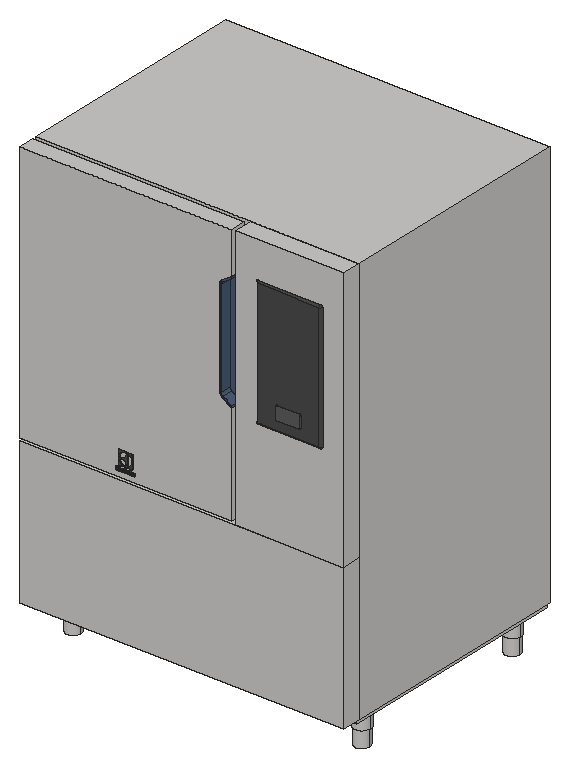
Revit family "QF_ELECTROLUXPROFESSIONAL_727876_EBFA12URE", category Specialty Equipment, Revit 2018 (continued)
Automatic sketch dimensions
  Split face 34 sketch curve to Split face 34 sketch curve = 4.974 mm
  Split face 35 sketch curve to Extrusion 4 = 30.031 mm
  Split face 35 sketch curve to Split face 35 sketch curve = 110.016 mm
  Split face 35 sketch curve to Extrusion 4 = 203.478 mm
  Split face 35 sketch curve to Split face 35 sketch curve = 4.974 mm
  Split face 36 sketch curve to Extrusion 4 = 30.031 mm
  Split face 36 sketch curve to Split face 36 sketch curve = 110.016 mm
  Split face 36 sketch curve to Extrusion 4 = 193.978 mm
  Split face 36 sketch curve to Split face 36 sketch curve = 4.974 mm
  Split face 37 sketch curve to Extrusion 4 = 30.031 mm
  Split face 37 sketch curve to Split face 37 sketch curve = 110.016 mm
  Split face 37 sketch curve to Extrusion 4 = 184.478 mm
  Split face 37 sketch curve to Split face 37 sketch curve = 4.974 mm
  Split face 38 sketch curve to Extrusion 4 = 30.031 mm
  Split face 38 sketch curve to Split face 38 sketch curve = 110.016 mm
  Split face 38 sketch curve to Extrusion 4 = 174.978 mm
  Split face 38 sketch curve to Split face 38 sketch curve = 4.974 mm
  Split face 39 sketch curve to Extrusion 4 = 30.031 mm
  Split face 39 sketch curve to Split face 39 sketch curve = 110.016 mm
  Split face 39 sketch curve to Extrusion 4 = 165.478 mm
  Split face 39 sketch curve to Split face 39 sketch curve = 4.974 mm
  Split face 40 sketch curve to Extrusion 4 = 30.031 mm
  Split face 40 sketch curve to Split face 40 sketch curve = 110.016 mm
  Split face 40 sketch curve to Extrusion 4 = 155.978 mm
  Split face 40 sketch curve to Split face 40 sketch curve = 4.974 mm
  Split face 41 sketch curve to Extrusion 4 = 30.031 mm
  Split face 41 sketch curve to Split face 41 sketch curve = 110.016 mm
  Split face 41 sketch curve to Extrusion 4 = 146.478 mm
  Split face 41 sketch curve to Split face 41 sketch curve = 4.974 mm
  Split face 42 sketch curve to Extrusion 4 = 33.499 mm
  Split face 42 sketch curve to Extrusion 4 = 150.022 mm
  Split face 42 sketch curve to Extrusion 4 = 28.525 mm
  Split face 42 sketch curve to Split face 42 sketch curve = 110.016 mm
  Split face 43 sketch curve to Extrusion 4 = 42.999 mm
  Split face 43 sketch curve to Extrusion 4 = 150.022 mm
  Split face 43 sketch curve to Extrusion 4 = 38.025 mm
  Split face 43 sketch curve to Split face 43 sketch curve = 110.016 mm
  Split face 44 sketch curve to Extrusion 4 = 52.499 mm
  Split face 44 sketch curve to Extrusion 4 = 150.022 mm
  Split face 44 sketch curve to Extrusion 4 = 47.525 mm
  Split face 44 sketch curve to Split face 44 sketch curve = 110.016 mm
  Split face 45 sketch curve to Extrusion 4 = 61.999 mm
  Split face 45 sketch curve to Extrusion 4 = 150.022 mm
  Split face 45 sketch curve to Split face 45 sketch curve = 110.016 mm
  Split face 45 sketch curve to Split face 45 sketch curve = 4.974 mm
  Split face 46 sketch curve to Extrusion 4 = 71.499 mm
  Split face 46 sketch curve to Extrusion 4 = 150.022 mm
  Split face 46 sketch curve to Split face 46 sketch curve = 110.016 mm
  Split face 46 sketch curve to Split face 46 sketch curve = 4.974 mm
  Split face 47 sketch curve to Extrusion 4 = 150.022 mm
  Split face 47 sketch curve to Split face 47 sketch curve = 110.016 mm
  Split face 47 sketch curve to Extrusion 4 = 80.999 mm
  Split face 47 sketch curve to Split face 47 sketch curve = 4.974 mm
  Split face 48 sketch curve to Extrusion 4 = 150.022 mm
  Split face 48 sketch curve to Split face 48 sketch curve = 110.016 mm
  Split face 48 sketch curve to Extrusion 4 = 90.499 mm
  Split face 48 sketch curve to Split face 48 sketch curve = 4.974 mm
  Split face 49 sketch curve to Extrusion 4 = 150.022 mm
  Split face 49 sketch curve to Split face 49 sketch curve = 110.016 mm
  Split face 49 sketch curve to Extrusion 4 = 99.999 mm
  Split face 49 sketch curve to Split face 49 sketch curve = 4.974 mm
  Split face 50 sketch curve to Extrusion 4 = 150.022 mm
  Split face 50 sketch curve to Split face 50 sketch curve = 110.016 mm
  Split face 50 sketch curve to Extrusion 4 = 109.499 mm
  Split face 50 sketch curve to Split face 50 sketch curve = 4.974 mm
  Split face 51 sketch curve to Extrusion 4 = 150.022 mm
  Split face 51 sketch curve to Split face 51 sketch curve = 110.016 mm
  Split face 51 sketch curve to Extrusion 4 = 119 mm
  Split face 51 sketch curve to Split face 51 sketch curve = 4.974 mm
  Split face 52 sketch curve to Extrusion 4 = 150.022 mm
  Split face 52 sketch curve to Split face 52 sketch curve = 110.016 mm
  Split face 52 sketch curve to Extrusion 4 = 128.5 mm
  Split face 52 sketch curve to Split face 52 sketch curve = 4.974 mm
  Split face 53 sketch curve to Extrusion 4 = 150.022 mm
  Split face 53 sketch curve to Split face 53 sketch curve = 110.016 mm
  Split face 53 sketch curve to Extrusion 4 = 138 mm
  Split face 53 sketch curve to Split face 53 sketch curve = 4.974 mm
  Split face 54 sketch curve to Extrusion 4 = 150.022 mm
  Split face 54 sketch curve to Split face 54 sketch curve = 110.016 mm
  Split face 54 sketch curve to Extrusion 4 = 147.5 mm
  Split face 54 sketch curve to Split face 54 sketch curve = 4.974 mm
  Split face 55 sketch curve to Extrusion 4 = 150.022 mm
  Split face 55 sketch curve to Split face 55 sketch curve = 110.016 mm
  Split face 55 sketch curve to Extrusion 4 = 157 mm
  Split face 55 sketch curve to Split face 55 sketch curve = 4.974 mm
  Split face 56 sketch curve to Extrusion 4 = 150.022 mm
  Split face 56 sketch curve to Split face 56 sketch curve = 110.016 mm
  Split face 56 sketch curve to Extrusion 4 = 166.5 mm
  Split face 56 sketch curve to Split face 56 sketch curve = 4.974 mm
  Split face 57 sketch curve to Extrusion 4 = 150.022 mm
  Split face 57 sketch curve to Split face 57 sketch curve = 110.016 mm
  Split face 57 sketch curve to Extrusion 4 = 176 mm
  Split face 57 sketch curve to Split face 57 sketch curve = 4.974 mm
  Split face 58 sketch curve to Extrusion 4 = 150.022 mm
  Split face 58 sketch curve to Split face 58 sketch curve = 110.016 mm
  Split face 58 sketch curve to Extrusion 4 = 185.5 mm
  Split face 58 sketch curve to Split face 58 sketch curve = 4.974 mm
  Split face 59 sketch curve to Extrusion 4 = 150.022 mm
  Split face 59 sketch curve to Split face 59 sketch curve = 110.016 mm
  Split face 59 sketch curve to Extrusion 4 = 195 mm
  Split face 59 sketch curve to Split face 59 sketch curve = 4.974 mm
  Split face 60 sketch curve to Extrusion 4 = 150.022 mm
  Split face 60 sketch curve to Split face 60 sketch curve = 110.016 mm
  Split face 60 sketch curve to Extrusion 4 = 204.5 mm
  Split face 60 sketch curve to Split face 60 sketch curve = 4.974 mm
  Split face 61 sketch curve to Extrusion 4 = 150.022 mm
  Split face 61 sketch curve to Split face 61 sketch curve = 110.016 mm
  Split face 61 sketch curve to Extrusion 4 = 214 mm
  Split face 61 sketch curve to Split face 61 sketch curve = 4.974 mm
  Split face 62 sketch curve to Extrusion 4 = 150.022 mm
  Split face 62 sketch curve to Split face 62 sketch curve = 110.016 mm
  Split face 62 sketch curve to Extrusion 4 = 223.5 mm
  Split face 62 sketch curve to Split face 62 sketch curve = 4.974 mm
  Split face 63 sketch curve to Extrusion 4 = 150.022 mm
  Split face 63 sketch curve to Split face 63 sketch curve = 110.016 mm
  Split face 63 sketch curve to Extrusion 4 = 233.001 mm
  Split face 63 sketch curve to Split face 63 sketch curve = 4.974 mm
  Split face 64 sketch curve to Extrusion 4 = 150.022 mm
  Split face 64 sketch curve to Split face 64 sketch curve = 110.016 mm
  Split face 64 sketch curve to Extrusion 4 = 242.501 mm
  Split face 64 sketch curve to Split face 64 sketch curve = 4.974 mm
  Split face 65 sketch curve to Extrusion 4 = 150.022 mm
  Split face 65 sketch curve to Split face 65 sketch curve = 110.016 mm
  Split face 65 sketch curve to Extrusion 4 = 252.001 mm
  Split face 65 sketch curve to Split face 65 sketch curve = 4.974 mm
  Split face 66 sketch curve to Extrusion 4 = 150.022 mm
  Split face 66 sketch curve to Split face 66 sketch curve = 110.016 mm
  Split face 66 sketch curve to Extrusion 4 = 261.501 mm
  Split face 66 sketch curve to Split face 66 sketch curve = 4.974 mm
  Split face 67 sketch curve to Extrusion 4 = 150.022 mm
  Split face 67 sketch curve to Split face 67 sketch curve = 110.016 mm
  Split face 67 sketch curve to Extrusion 4 = 271.001 mm
  Split face 67 sketch curve to Split face 67 sketch curve = 4.974 mm
  Split face 68 sketch curve to Extrusion 4 = 150.022 mm
  Split face 68 sketch curve to Split face 68 sketch curve = 110.016 mm
  Split face 68 sketch curve to Extrusion 4 = 279.479 mm
  Split face 68 sketch curve to Split face 68 sketch curve = 4.974 mm
  Split face 69 sketch curve to Extrusion 4 = 150.022 mm
  Split face 69 sketch curve to Split face 69 sketch curve = 110.016 mm
  Split face 69 sketch curve to Extrusion 4 = 269.979 mm
  Split face 69 sketch curve to Split face 69 sketch curve = 4.974 mm
  Split face 70 sketch curve to Extrusion 4 = 150.022 mm
  Split face 70 sketch curve to Split face 70 sketch curve = 110.016 mm
  Split face 70 sketch curve to Extrusion 4 = 260.479 mm
  Split face 70 sketch curve to Split face 70 sketch curve = 4.974 mm
  Split face 71 sketch curve to Extrusion 4 = 150.022 mm
  Split face 71 sketch curve to Split face 71 sketch curve = 110.016 mm
  Split face 71 sketch curve to Extrusion 4 = 250.978 mm
  Split face 71 sketch curve to Split face 71 sketch curve = 4.974 mm
  Split face 72 sketch curve to Extrusion 4 = 150.022 mm
  Split face 72 sketch curve to Split face 72 sketch curve = 110.016 mm
  Split face 72 sketch curve to Extrusion 4 = 241.478 mm
  Split face 72 sketch curve to Split face 72 sketch curve = 4.974 mm
  Split face 73 sketch curve to Extrusion 4 = 150.022 mm
  Split face 73 sketch curve to Split face 73 sketch curve = 110.016 mm
  Split face 73 sketch curve to Extrusion 4 = 231.978 mm
  Split face 73 sketch curve to Split face 73 sketch curve = 4.974 mm
  Split face 74 sketch curve to Extrusion 4 = 150.022 mm
  Split face 74 sketch curve to Split face 74 sketch curve = 110.016 mm
  Split face 74 sketch curve to Extrusion 4 = 222.478 mm
  Split face 74 sketch curve to Split face 74 sketch curve = 4.974 mm
  Split face 75 sketch curve to Extrusion 4 = 150.022 mm
  Split face 75 sketch curve to Split face 75 sketch curve = 110.016 mm
  Split face 75 sketch curve to Extrusion 4 = 212.978 mm
  Split face 75 sketch curve to Split face 75 sketch curve = 4.974 mm
  Split face 76 sketch curve to Extrusion 4 = 150.022 mm
  Split face 76 sketch curve to Split face 76 sketch curve = 110.016 mm
  Split face 76 sketch curve to Extrusion 4 = 203.478 mm
  Split face 76 sketch curve to Split face 76 sketch curve = 4.974 mm
  Split face 77 sketch curve to Extrusion 4 = 150.022 mm
  Split face 77 sketch curve to Split face 77 sketch curve = 110.016 mm
  Split face 77 sketch curve to Extrusion 4 = 193.978 mm
  Split face 77 sketch curve to Split face 77 sketch curve = 4.974 mm
  Split face 78 sketch curve to Extrusion 4 = 150.022 mm
  Split face 78 sketch curve to Split face 78 sketch curve = 110.016 mm
  Split face 78 sketch curve to Extrusion 4 = 184.478 mm
  Split face 78 sketch curve to Split face 78 sketch curve = 4.974 mm
  Split face 79 sketch curve to Extrusion 4 = 150.022 mm
  Split face 79 sketch curve to Split face 79 sketch curve = 110.016 mm
  Split face 79 sketch curve to Extrusion 4 = 174.978 mm
  Split face 79 sketch curve to Split face 79 sketch curve = 4.974 mm
  Split face 80 sketch curve to Extrusion 4 = 150.022 mm
  Split face 80 sketch curve to Split face 80 sketch curve = 110.016 mm
  Split face 80 sketch curve to Extrusion 4 = 165.478 mm
  Split face 80 sketch curve to Split face 80 sketch curve = 4.974 mm
  Split face 81 sketch curve to Extrusion 4 = 150.022 mm
  Split face 81 sketch curve to Split face 81 sketch curve = 110.016 mm
  Split face 81 sketch curve to Extrusion 4 = 155.978 mm
  Split face 81 sketch curve to Split face 81 sketch curve = 4.974 mm
  Split face 82 sketch curve to Extrusion 4 = 150.022 mm
  Split face 82 sketch curve to Split face 82 sketch curve = 110.016 mm
  Split face 82 sketch curve to Extrusion 4 = 146.478 mm
  Split face 82 sketch curve to Split face 82 sketch curve = 4.974 mm
  Split face 83 sketch curve to Extrusion 4 = 33.499 mm
  Split face 83 sketch curve to Extrusion 4 = 270.014 mm
  Split face 83 sketch curve to Extrusion 4 = 28.525 mm
  Split face 83 sketch curve to Split face 83 sketch curve = 110.016 mm
  Split face 84 sketch curve to Extrusion 4 = 42.999 mm
  Split face 84 sketch curve to Extrusion 4 = 270.014 mm
  Split face 84 sketch curve to Extrusion 4 = 38.025 mm
  Split face 84 sketch curve to Split face 84 sketch curve = 110.016 mm
  Split face 85 sketch curve to Extrusion 4 = 52.499 mm
  Split face 85 sketch curve to Extrusion 4 = 270.014 mm
  Split face 85 sketch curve to Extrusion 4 = 47.525 mm
  Split face 85 sketch curve to Split face 85 sketch curve = 110.016 mm
  Split face 86 sketch curve to Extrusion 4 = 61.999 mm
  Split face 86 sketch curve to Extrusion 4 = 270.014 mm
  Split face 86 sketch curve to Split face 86 sketch curve = 110.016 mm
  Split face 86 sketch curve to Split face 86 sketch curve = 4.974 mm
  Split face 87 sketch curve to Extrusion 4 = 71.499 mm
  Split face 87 sketch curve to Extrusion 4 = 270.014 mm
  Split face 87 sketch curve to Split face 87 sketch curve = 110.016 mm
  Split face 87 sketch curve to Split face 87 sketch curve = 4.974 mm
  Split face 88 sketch curve to Extrusion 4 = 80.999 mm
  Split face 88 sketch curve to Extrusion 4 = 270.014 mm
  Split face 88 sketch curve to Split face 88 sketch curve = 110.016 mm
  Split face 88 sketch curve to Split face 88 sketch curve = 4.974 mm
  Split face 89 sketch curve to Extrusion 4 = 90.499 mm
  Split face 89 sketch curve to Extrusion 4 = 270.014 mm
  Split face 89 sketch curve to Split face 89 sketch curve = 110.016 mm
  Split face 89 sketch curve to Split face 89 sketch curve = 4.974 mm
  Split face 90 sketch curve to Extrusion 4 = 99.999 mm
  Split face 90 sketch curve to Extrusion 4 = 270.014 mm
  Split face 90 sketch curve to Split face 90 sketch curve = 110.016 mm
  Split face 90 sketch curve to Split face 90 sketch curve = 4.974 mm
  Split face 91 sketch curve to Extrusion 4 = 109.499 mm
  Split face 91 sketch curve to Extrusion 4 = 270.014 mm
  Split face 91 sketch curve to Split face 91 sketch curve = 110.016 mm
  Split face 91 sketch curve to Split face 91 sketch curve = 4.974 mm
  Split face 92 sketch curve to Extrusion 4 = 119 mm
  Split face 92 sketch curve to Extrusion 4 = 270.014 mm
  Split face 92 sketch curve to Split face 92 sketch curve = 110.016 mm
  Split face 92 sketch curve to Split face 92 sketch curve = 4.974 mm
  Split face 93 sketch curve to Extrusion 4 = 128.5 mm
  Split face 93 sketch curve to Extrusion 4 = 270.014 mm
  Split face 93 sketch curve to Split face 93 sketch curve = 110.016 mm
  Split face 93 sketch curve to Split face 93 sketch curve = 4.974 mm
  Split face 94 sketch curve to Extrusion 4 = 270.014 mm
  Split face 94 sketch curve to Split face 94 sketch curve = 110.016 mm
  Split face 94 sketch curve to Extrusion 4 = 138 mm
  Split face 94 sketch curve to Split face 94 sketch curve = 4.974 mm
  Split face 95 sketch curve to Extrusion 4 = 270.014 mm
  Split face 95 sketch curve to Split face 95 sketch curve = 110.016 mm
  Split face 95 sketch curve to Extrusion 4 = 147.5 mm
  Split face 95 sketch curve to Split face 95 sketch curve = 4.974 mm
  Split face 96 sketch curve to Extrusion 4 = 270.014 mm
  Split face 96 sketch curve to Split face 96 sketch curve = 110.016 mm
  Split face 96 sketch curve to Extrusion 4 = 157 mm
  Split face 96 sketch curve to Split face 96 sketch curve = 4.974 mm
  Split face 97 sketch curve to Extrusion 4 = 270.014 mm
  Split face 97 sketch curve to Split face 97 sketch curve = 110.016 mm
  Split face 97 sketch curve to Extrusion 4 = 166.5 mm
  Split face 97 sketch curve to Split face 97 sketch curve = 4.974 mm
  Split face 98 sketch curve to Extrusion 4 = 270.014 mm
  Split face 98 sketch curve to Split face 98 sketch curve = 110.016 mm
  Split face 98 sketch curve to Extrusion 4 = 176 mm
  Split face 98 sketch curve to Split face 98 sketch curve = 4.974 mm
  Split face 99 sketch curve to Extrusion 4 = 270.014 mm
  Split face 99 sketch curve to Split face 99 sketch curve = 110.016 mm
  Split face 99 sketch curve to Extrusion 4 = 185.5 mm
  Split face 99 sketch curve to Split face 99 sketch curve = 4.974 mm
  Split face 100 sketch curve to Extrusion 4 = 270.014 mm
  Split face 100 sketch curve to Split face 100 sketch curve = 110.016 mm
  Split face 100 sketch curve to Extrusion 4 = 195 mm
  Split face 100 sketch curve to Split face 100 sketch curve = 4.974 mm
  Split face 101 sketch curve to Extrusion 4 = 270.014 mm
  Split face 101 sketch curve to Split face 101 sketch curve = 110.016 mm
  Split face 101 sketch curve to Extrusion 4 = 204.5 mm
  Split face 101 sketch curve to Split face 101 sketch curve = 4.974 mm
  Split face 102 sketch curve to Extrusion 4 = 270.014 mm
  Split face 102 sketch curve to Split face 102 sketch curve = 110.016 mm
  Split face 102 sketch curve to Extrusion 4 = 214 mm
  Split face 102 sketch curve to Split face 102 sketch curve = 4.974 mm
  Split face 103 sketch curve to Extrusion 4 = 270.014 mm
  Split face 103 sketch curve to Split face 103 sketch curve = 110.016 mm
  Split face 103 sketch curve to Extrusion 4 = 223.5 mm
  Split face 103 sketch curve to Split face 103 sketch curve = 4.974 mm
  Split face 104 sketch curve to Extrusion 4 = 270.014 mm
  Split face 104 sketch curve to Split face 104 sketch curve = 110.016 mm
  Split face 104 sketch curve to Extrusion 4 = 233.001 mm
  Split face 104 sketch curve to Split face 104 sketch curve = 4.974 mm
  Split face 105 sketch curve to Extrusion 4 = 270.014 mm
  Split face 105 sketch curve to Split face 105 sketch curve = 110.016 mm
  Split face 105 sketch curve to Extrusion 4 = 242.501 mm
  Split face 105 sketch curve to Split face 105 sketch curve = 4.974 mm
  Split face 106 sketch curve to Extrusion 4 = 270.014 mm
  Split face 106 sketch curve to Split face 106 sketch curve = 110.016 mm
  Split face 106 sketch curve to Extrusion 4 = 252.001 mm
  Split face 106 sketch curve to Split face 106 sketch curve = 4.974 mm
  Split face 107 sketch curve to Extrusion 4 = 270.014 mm
  Split face 107 sketch curve to Split face 107 sketch curve = 110.016 mm
  Split face 107 sketch curve to Extrusion 4 = 261.501 mm
  Split face 107 sketch curve to Split face 107 sketch curve = 4.974 mm
  Split face 108 sketch curve to Extrusion 4 = 270.014 mm
  Split face 108 sketch curve to Split face 108 sketch curve = 110.016 mm
  Split face 108 sketch curve to Extrusion 4 = 271.001 mm
  Split face 108 sketch curve to Split face 108 sketch curve = 4.974 mm
  Split face 109 sketch curve to Extrusion 4 = 270.014 mm
  Split face 109 sketch curve to Split face 109 sketch curve = 110.016 mm
  Split face 109 sketch curve to Extrusion 4 = 279.479 mm
  Split face 109 sketch curve to Split face 109 sketch curve = 4.974 mm
  Split face 110 sketch curve to Extrusion 4 = 270.014 mm
  Split face 110 sketch curve to Split face 110 sketch curve = 110.016 mm
  Split face 110 sketch curve to Extrusion 4 = 269.979 mm
  Split face 110 sketch curve to Split face 110 sketch curve = 4.974 mm
  Split face 111 sketch curve to Extrusion 4 = 270.014 mm
  Split face 111 sketch curve to Split face 111 sketch curve = 110.016 mm
  Split face 111 sketch curve to Extrusion 4 = 260.479 mm
  Split face 111 sketch curve to Split face 111 sketch curve = 4.974 mm
  Split face 112 sketch curve to Extrusion 4 = 270.014 mm
  Split face 112 sketch curve to Split face 112 sketch curve = 110.016 mm
  Split face 112 sketch curve to Extrusion 4 = 250.978 mm
  Split face 112 sketch curve to Split face 112 sketch curve = 4.974 mm
  Split face 113 sketch curve to Extrusion 4 = 270.014 mm
  Split face 113 sketch curve to Split face 113 sketch curve = 110.016 mm
  Split face 113 sketch curve to Extrusion 4 = 241.478 mm
  Split face 113 sketch curve to Split face 113 sketch curve = 4.974 mm
  Split face 114 sketch curve to Extrusion 4 = 270.014 mm
  Split face 114 sketch curve to Split face 114 sketch curve = 110.016 mm
  Split face 114 sketch curve to Extrusion 4 = 231.978 mm
  Split face 114 sketch curve to Split face 114 sketch curve = 4.974 mm
  Split face 115 sketch curve to Extrusion 4 = 270.014 mm
  Split face 115 sketch curve to Split face 115 sketch curve = 110.016 mm
  Split face 115 sketch curve to Extrusion 4 = 222.478 mm
  Split face 115 sketch curve to Split face 115 sketch curve = 4.974 mm
  Split face 116 sketch curve to Extrusion 4 = 270.014 mm
  Split face 116 sketch curve to Split face 116 sketch curve = 110.016 mm
  Split face 116 sketch curve to Extrusion 4 = 212.978 mm
  Split face 116 sketch curve to Split face 116 sketch curve = 4.974 mm
  Split face 117 sketch curve to Extrusion 4 = 270.014 mm
  Split face 117 sketch curve to Split face 117 sketch curve = 110.016 mm
  Split face 117 sketch curve to Extrusion 4 = 203.478 mm
  Split face 117 sketch curve to Split face 117 sketch curve = 4.974 mm
  Split face 118 sketch curve to Extrusion 4 = 270.014 mm
  Split face 118 sketch curve to Split face 118 sketch curve = 110.016 mm
  Split face 118 sketch curve to Extrusion 4 = 193.978 mm
  Split face 118 sketch curve to Split face 118 sketch curve = 4.974 mm
  Split face 119 sketch curve to Extrusion 4 = 270.014 mm
  Split face 119 sketch curve to Split face 119 sketch curve = 110.016 mm
  Split face 119 sketch curve to Extrusion 4 = 184.478 mm
  Split face 119 sketch curve to Split face 119 sketch curve = 4.974 mm
  Split face 120 sketch curve to Extrusion 4 = 270.014 mm
  Split face 120 sketch curve to Split face 120 sketch curve = 110.016 mm
  Split face 120 sketch curve to Extrusion 4 = 174.978 mm
  Split face 120 sketch curve to Split face 120 sketch curve = 4.974 mm
  Split face 121 sketch curve to Extrusion 4 = 270.014 mm
  Split face 121 sketch curve to Split face 121 sketch curve = 110.016 mm
  Split face 121 sketch curve to Extrusion 4 = 165.478 mm
  Split face 121 sketch curve to Split face 121 sketch curve = 4.974 mm
  Split face 122 sketch curve to Extrusion 4 = 270.014 mm
  Split face 122 sketch curve to Split face 122 sketch curve = 110.016 mm
  Split face 122 sketch curve to Extrusion 4 = 155.978 mm
  Split face 122 sketch curve to Split face 122 sketch curve = 4.974 mm
  Split face 123 sketch curve to Extrusion 4 = 270.014 mm
  Split face 123 sketch curve to Split face 123 sketch curve = 110.016 mm
  Split face 123 sketch curve to Extrusion 4 = 146.478 mm
  Split face 123 sketch curve to Split face 123 sketch curve = 4.974 mm
  Split face 124 sketch curve to Extrusion 4 = 33.499 mm
  Split face 124 sketch curve to Extrusion 4 = 390.005 mm
  Split face 124 sketch curve to Extrusion 4 = 28.525 mm
  Split face 124 sketch curve to Split face 124 sketch curve = 110.016 mm
  Split face 125 sketch curve to Extrusion 4 = 42.999 mm
  Split face 125 sketch curve to Extrusion 4 = 390.005 mm
  Split face 125 sketch curve to Extrusion 4 = 38.025 mm
  Split face 125 sketch curve to Split face 125 sketch curve = 110.016 mm
  Split face 126 sketch curve to Extrusion 4 = 52.499 mm
  Split face 126 sketch curve to Extrusion 4 = 390.005 mm
  Split face 126 sketch curve to Extrusion 4 = 47.525 mm
  Split face 126 sketch curve to Split face 126 sketch curve = 110.016 mm
  Split face 127 sketch curve to Extrusion 4 = 61.999 mm
  Split face 127 sketch curve to Extrusion 4 = 390.005 mm
  Split face 127 sketch curve to Split face 127 sketch curve = 110.016 mm
  Split face 127 sketch curve to Split face 127 sketch curve = 4.974 mm
  Split face 128 sketch curve to Extrusion 4 = 71.499 mm
  Split face 128 sketch curve to Extrusion 4 = 390.005 mm
  Split face 128 sketch curve to Split face 128 sketch curve = 110.016 mm
  Split face 128 sketch curve to Split face 128 sketch curve = 4.974 mm
  Split face 129 sketch curve to Extrusion 4 = 80.999 mm
  Split face 129 sketch curve to Extrusion 4 = 390.005 mm
  Split face 129 sketch curve to Split face 129 sketch curve = 110.016 mm
  Split face 129 sketch curve to Split face 129 sketch curve = 4.974 mm
  Split face 130 sketch curve to Extrusion 4 = 90.499 mm
  Split face 130 sketch curve to Extrusion 4 = 390.005 mm
  Split face 130 sketch curve to Split face 130 sketch curve = 110.016 mm
  Split face 130 sketch curve to Split face 130 sketch curve = 4.974 mm
  Split face 131 sketch curve to Extrusion 4 = 99.999 mm
  Split face 131 sketch curve to Extrusion 4 = 390.005 mm
  Split face 131 sketch curve to Split face 131 sketch curve = 110.016 mm
  Split face 131 sketch curve to Split face 131 sketch curve = 4.974 mm
  Split face 132 sketch curve to Extrusion 4 = 109.499 mm
  Split face 132 sketch curve to Extrusion 4 = 390.005 mm
  Split face 132 sketch curve to Split face 132 sketch curve = 110.016 mm
  Split face 132 sketch curve to Split face 132 sketch curve = 4.974 mm
  Split face 133 sketch curve to Extrusion 4 = 119 mm
  Split face 133 sketch curve to Extrusion 4 = 390.005 mm
  Split face 133 sketch curve to Split face 133 sketch curve = 110.016 mm
  Split face 133 sketch curve to Split face 133 sketch curve = 4.974 mm
  Split face 134 sketch curve to Extrusion 4 = 128.5 mm
  Split face 134 sketch curve to Extrusion 4 = 390.005 mm
  Split face 134 sketch curve to Split face 134 sketch curve = 110.016 mm
  Split face 134 sketch curve to Split face 134 sketch curve = 4.974 mm
  Split face 135 sketch curve to Extrusion 4 = 138 mm
  Split face 135 sketch curve to Extrusion 4 = 390.005 mm
  Split face 135 sketch curve to Split face 135 sketch curve = 110.016 mm
  Split face 135 sketch curve to Split face 135 sketch curve = 4.974 mm
  Split face 136 sketch curve to Extrusion 4 = 147.5 mm
  Split face 136 sketch curve to Extrusion 4 = 390.005 mm
  Split face 136 sketch curve to Split face 136 sketch curve = 110.016 mm
  Split face 136 sketch curve to Split face 136 sketch curve = 4.974 mm
  Split face 137 sketch curve to Extrusion 4 = 157 mm
  Split face 137 sketch curve to Extrusion 4 = 390.005 mm
  Split face 137 sketch curve to Split face 137 sketch curve = 110.016 mm
  Split face 137 sketch curve to Split face 137 sketch curve = 4.974 mm
  Split face 138 sketch curve to Extrusion 4 = 166.5 mm
  Split face 138 sketch curve to Extrusion 4 = 390.005 mm
  Split face 138 sketch curve to Split face 138 sketch curve = 110.016 mm
  Split face 138 sketch curve to Split face 138 sketch curve = 4.974 mm
  Split face 139 sketch curve to Extrusion 4 = 176 mm
  Split face 139 sketch curve to Extrusion 4 = 390.005 mm
  Split face 139 sketch curve to Split face 139 sketch curve = 110.016 mm
  Split face 139 sketch curve to Split face 139 sketch curve = 4.974 mm
  Split face 140 sketch curve to Extrusion 4 = 185.5 mm
  Split face 140 sketch curve to Extrusion 4 = 390.005 mm
  Split face 140 sketch curve to Split face 140 sketch curve = 110.016 mm
  Split face 140 sketch curve to Split face 140 sketch curve = 4.974 mm
  Split face 141 sketch curve to Extrusion 4 = 195 mm
  Split face 141 sketch curve to Extrusion 4 = 390.005 mm
  Split face 141 sketch curve to Split face 141 sketch curve = 110.016 mm
  Split face 141 sketch curve to Split face 141 sketch curve = 4.974 mm
  Split face 142 sketch curve to Extrusion 4 = 390.005 mm
  Split face 142 sketch curve to Split face 142 sketch curve = 110.016 mm
  Split face 142 sketch curve to Extrusion 4 = 204.5 mm
  Split face 142 sketch curve to Split face 142 sketch curve = 4.974 mm
  Split face 143 sketch curve to Extrusion 4 = 390.005 mm
  Split face 143 sketch curve to Split face 143 sketch curve = 110.016 mm
  Split face 143 sketch curve to Extrusion 4 = 214 mm
  Split face 143 sketch curve to Split face 143 sketch curve = 4.974 mm
  Split face 144 sketch curve to Extrusion 4 = 390.005 mm
  Split face 144 sketch curve to Split face 144 sketch curve = 110.016 mm
  Split face 144 sketch curve to Extrusion 4 = 223.5 mm
  Split face 144 sketch curve to Split face 144 sketch curve = 4.974 mm
  Split face 145 sketch curve to Extrusion 4 = 390.005 mm
  Split face 145 sketch curve to Split face 145 sketch curve = 110.016 mm
  Split face 145 sketch curve to Extrusion 4 = 233.001 mm
  Split face 145 sketch curve to Split face 145 sketch curve = 4.974 mm
  Split face 146 sketch curve to Extrusion 4 = 390.005 mm
  Split face 146 sketch curve to Split face 146 sketch curve = 110.016 mm
  Split face 146 sketch curve to Extrusion 4 = 242.501 mm
  Split face 146 sketch curve to Split face 146 sketch curve = 4.974 mm
  Split face 147 sketch curve to Extrusion 4 = 390.005 mm
  Split face 147 sketch curve to Split face 147 sketch curve = 110.016 mm
  Split face 147 sketch curve to Extrusion 4 = 252.001 mm
  Split face 147 sketch curve to Split face 147 sketch curve = 4.974 mm
  Split face 148 sketch curve to Extrusion 4 = 390.005 mm
  Split face 148 sketch curve to Split face 148 sketch curve = 110.016 mm
  Split face 148 sketch curve to Extrusion 4 = 261.501 mm
  Split face 148 sketch curve to Split face 148 sketch curve = 4.974 mm
  Split face 149 sketch curve to Extrusion 4 = 390.005 mm
  Split face 149 sketch curve to Split face 149 sketch curve = 110.016 mm
  Split face 149 sketch curve to Extrusion 4 = 271.001 mm
  Split face 149 sketch curve to Split face 149 sketch curve = 4.974 mm
  Split face 150 sketch curve to Extrusion 4 = 390.005 mm
  Split face 150 sketch curve to Split face 150 sketch curve = 110.016 mm
  Split face 150 sketch curve to Extrusion 4 = 279.479 mm
  Split face 150 sketch curve to Split face 150 sketch curve = 4.974 mm
  Split face 151 sketch curve to Extrusion 4 = 390.005 mm
  Split face 151 sketch curve to Split face 151 sketch curve = 110.016 mm
  Split face 151 sketch curve to Extrusion 4 = 269.979 mm
  Split face 151 sketch curve to Split face 151 sketch curve = 4.974 mm
  Split face 152 sketch curve to Extrusion 4 = 390.005 mm
  Split face 152 sketch curve to Split face 152 sketch curve = 110.016 mm
  Split face 152 sketch curve to Extrusion 4 = 260.479 mm
  Split face 152 sketch curve to Split face 152 sketch curve = 4.974 mm
  Split face 153 sketch curve to Extrusion 4 = 390.005 mm
  Split face 153 sketch curve to Split face 153 sketch curve = 110.016 mm
  Split face 153 sketch curve to Extrusion 4 = 250.978 mm
  Split face 153 sketch curve to Split face 153 sketch curve = 4.974 mm
  Split face 154 sketch curve to Extrusion 4 = 390.005 mm
  Split face 154 sketch curve to Split face 154 sketch curve = 110.016 mm
  Split face 154 sketch curve to Extrusion 4 = 241.478 mm
  Split face 154 sketch curve to Split face 154 sketch curve = 4.974 mm
  Split face 155 sketch curve to Extrusion 4 = 390.005 mm
  Split face 155 sketch curve to Split face 155 sketch curve = 110.016 mm
  Split face 155 sketch curve to Extrusion 4 = 231.978 mm
  Split face 155 sketch curve to Split face 155 sketch curve = 4.974 mm
  Split face 156 sketch curve to Extrusion 4 = 390.005 mm
  Split face 156 sketch curve to Split face 156 sketch curve = 110.016 mm
  Split face 156 sketch curve to Extrusion 4 = 222.478 mm
  Split face 156 sketch curve to Split face 156 sketch curve = 4.974 mm
  Split face 157 sketch curve to Extrusion 4 = 390.005 mm
  Split face 157 sketch curve to Split face 157 sketch curve = 110.016 mm
  Split face 157 sketch curve to Extrusion 4 = 212.978 mm
  Split face 157 sketch curve to Split face 157 sketch curve = 4.974 mm
  Split face 158 sketch curve to Extrusion 4 = 390.005 mm
  Split face 158 sketch curve to Split face 158 sketch curve = 110.016 mm
  Split face 158 sketch curve to Extrusion 4 = 203.478 mm
  Split face 158 sketch curve to Split face 158 sketch curve = 4.974 mm
  Split face 159 sketch curve to Extrusion 4 = 193.978 mm
  Split face 159 sketch curve to Extrusion 4 = 390.005 mm
  Split face 159 sketch curve to Split face 159 sketch curve = 110.016 mm
  Split face 159 sketch curve to Split face 159 sketch curve = 4.974 mm
  Split face 160 sketch curve to Extrusion 4 = 184.478 mm
  Split face 160 sketch curve to Extrusion 4 = 390.005 mm
  Split face 160 sketch curve to Split face 160 sketch curve = 110.016 mm
  Split face 160 sketch curve to Split face 160 sketch curve = 4.974 mm
  Split face 161 sketch curve to Extrusion 4 = 174.978 mm
  Split face 161 sketch curve to Extrusion 4 = 390.005 mm
  Split face 161 sketch curve to Split face 161 sketch curve = 110.016 mm
  Split face 161 sketch curve to Split face 161 sketch curve = 4.974 mm
  Split face 162 sketch curve to Extrusion 4 = 165.478 mm
  Split face 162 sketch curve to Extrusion 4 = 390.005 mm
  Split face 162 sketch curve to Split face 162 sketch curve = 110.016 mm
  Split face 162 sketch curve to Split face 162 sketch curve = 4.974 mm
  Split face 163 sketch curve to Extrusion 4 = 155.978 mm
  Split face 163 sketch curve to Extrusion 4 = 390.005 mm
  Split face 163 sketch curve to Split face 163 sketch curve = 110.016 mm
  Split face 163 sketch curve to Split face 163 sketch curve = 4.974 mm
  Split face 164 sketch curve to Extrusion 4 = 146.478 mm
  Split face 164 sketch curve to Extrusion 4 = 390.005 mm
  Split face 164 sketch curve to Split face 164 sketch curve = 110.016 mm
  Split face 164 sketch curve to Split face 164 sketch curve = 4.974 mm
  Split face 165 sketch curve to Extrusion 4 = 33.499 mm
  Split face 165 sketch curve to Extrusion 4 = 380.03 mm
  Split face 165 sketch curve to Extrusion 4 = 28.525 mm
  Split face 165 sketch curve to Split face 165 sketch curve = 110.016 mm
  Split face 166 sketch curve to Extrusion 4 = 42.999 mm
  Split face 166 sketch curve to Extrusion 4 = 380.03 mm
  Split face 166 sketch curve to Extrusion 4 = 38.025 mm
  Split face 166 sketch curve to Split face 166 sketch curve = 110.016 mm
  Split face 167 sketch curve to Extrusion 4 = 52.499 mm
  Split face 167 sketch curve to Extrusion 4 = 380.03 mm
  Split face 167 sketch curve to Extrusion 4 = 47.525 mm
  Split face 167 sketch curve to Split face 167 sketch curve = 110.016 mm
  Split face 168 sketch curve to Extrusion 4 = 61.999 mm
  Split face 168 sketch curve to Extrusion 4 = 380.03 mm
  Split face 168 sketch curve to Split face 168 sketch curve = 110.016 mm
  Split face 168 sketch curve to Split face 168 sketch curve = 4.974 mm
  Split face 169 sketch curve to Extrusion 4 = 71.499 mm
  Split face 169 sketch curve to Extrusion 4 = 380.03 mm
  Split face 169 sketch curve to Split face 169 sketch curve = 110.016 mm
  Split face 169 sketch curve to Split face 169 sketch curve = 4.974 mm
  Split face 170 sketch curve to Extrusion 4 = 80.999 mm
  Split face 170 sketch curve to Extrusion 4 = 380.03 mm
  Split face 170 sketch curve to Split face 170 sketch curve = 110.016 mm
  Split face 170 sketch curve to Split face 170 sketch curve = 4.974 mm
  Split face 171 sketch curve to Extrusion 4 = 90.499 mm
  Split face 171 sketch curve to Extrusion 4 = 380.03 mm
  Split face 171 sketch curve to Split face 171 sketch curve = 110.016 mm
  Split face 171 sketch curve to Split face 171 sketch curve = 4.974 mm
  Split face 172 sketch curve to Extrusion 4 = 99.999 mm
  Split face 172 sketch curve to Extrusion 4 = 380.03 mm
  Split face 172 sketch curve to Split face 172 sketch curve = 110.016 mm
  Split face 172 sketch curve to Split face 172 sketch curve = 4.974 mm
  Split face 173 sketch curve to Extrusion 4 = 109.499 mm
  Split face 173 sketch curve to Extrusion 4 = 380.03 mm
  Split face 173 sketch curve to Split face 173 sketch curve = 110.016 mm
  Split face 173 sketch curve to Split face 173 sketch curve = 4.974 mm
  Split face 174 sketch curve to Extrusion 4 = 119 mm
  Split face 174 sketch curve to Extrusion 4 = 380.03 mm
  Split face 174 sketch curve to Split face 174 sketch curve = 110.016 mm
  Split face 174 sketch curve to Split face 174 sketch curve = 4.974 mm
  Split face 175 sketch curve to Extrusion 4 = 128.5 mm
  Split face 175 sketch curve to Extrusion 4 = 380.03 mm
  Split face 175 sketch curve to Split face 175 sketch curve = 110.016 mm
  Split face 175 sketch curve to Split face 175 sketch curve = 4.974 mm
  Split face 176 sketch curve to Extrusion 4 = 138 mm
  Split face 176 sketch curve to Extrusion 4 = 380.03 mm
  Split face 176 sketch curve to Split face 176 sketch curve = 110.016 mm
  Split face 176 sketch curve to Split face 176 sketch curve = 4.974 mm
  Split face 177 sketch curve to Extrusion 4 = 147.5 mm
  Split face 177 sketch curve to Extrusion 4 = 380.03 mm
  Split face 177 sketch curve to Split face 177 sketch curve = 110.016 mm
  Split face 177 sketch curve to Split face 177 sketch curve = 4.974 mm
  Split face 178 sketch curve to Extrusion 4 = 157 mm
  Split face 178 sketch curve to Extrusion 4 = 380.03 mm
  Split face 178 sketch curve to Split face 178 sketch curve = 110.016 mm
  Split face 178 sketch curve to Split face 178 sketch curve = 4.974 mm
  Split face 179 sketch curve to Extrusion 4 = 166.5 mm
  Split face 179 sketch curve to Extrusion 4 = 380.03 mm
  Split face 179 sketch curve to Split face 179 sketch curve = 110.016 mm
  Split face 179 sketch curve to Split face 179 sketch curve = 4.974 mm
  Split face 180 sketch curve to Extrusion 4 = 176 mm
  Split face 180 sketch curve to Extrusion 4 = 380.03 mm
  Split face 180 sketch curve to Split face 180 sketch curve = 110.016 mm
  Split face 180 sketch curve to Split face 180 sketch curve = 4.974 mm
  Split face 181 sketch curve to Extrusion 4 = 185.5 mm
  Split face 181 sketch curve to Extrusion 4 = 380.03 mm
  Split face 181 sketch curve to Split face 181 sketch curve = 110.016 mm
  Split face 181 sketch curve to Split face 181 sketch curve = 4.974 mm
  Split face 182 sketch curve to Extrusion 4 = 380.03 mm
  Split face 182 sketch curve to Split face 182 sketch curve = 110.016 mm
  Split face 182 sketch curve to Extrusion 4 = 195 mm
  Split face 182 sketch curve to Split face 182 sketch curve = 4.974 mm
  Split face 183 sketch curve to Extrusion 4 = 380.03 mm
  Split face 183 sketch curve to Split face 183 sketch curve = 110.016 mm
  Split face 183 sketch curve to Extrusion 4 = 204.5 mm
  Split face 183 sketch curve to Split face 183 sketch curve = 4.974 mm
  Split face 184 sketch curve to Extrusion 4 = 380.03 mm
  Split face 184 sketch curve to Split face 184 sketch curve = 110.016 mm
  Split face 184 sketch curve to Extrusion 4 = 214 mm
  Split face 184 sketch curve to Split face 184 sketch curve = 4.974 mm
  Split face 185 sketch curve to Extrusion 4 = 380.03 mm
  Split face 185 sketch curve to Split face 185 sketch curve = 110.016 mm
  Split face 185 sketch curve to Extrusion 4 = 223.5 mm
  Split face 185 sketch curve to Split face 185 sketch curve = 4.974 mm
  Split face 186 sketch curve to Extrusion 4 = 380.03 mm
  Split face 186 sketch curve to Split face 186 sketch curve = 110.016 mm
  Split face 186 sketch curve to Extrusion 4 = 233.001 mm
  Split face 186 sketch curve to Split face 186 sketch curve = 4.974 mm
  Split face 187 sketch curve to Extrusion 4 = 380.03 mm
  Split face 187 sketch curve to Split face 187 sketch curve = 110.016 mm
  Split face 187 sketch curve to Extrusion 4 = 242.501 mm
  Split face 187 sketch curve to Split face 187 sketch curve = 4.974 mm
  Split face 188 sketch curve to Extrusion 4 = 380.03 mm
  Split face 188 sketch curve to Split face 188 sketch curve = 110.016 mm
  Split face 188 sketch curve to Extrusion 4 = 252.001 mm
  Split face 188 sketch curve to Split face 188 sketch curve = 4.974 mm
  Split face 189 sketch curve to Extrusion 4 = 380.03 mm
  Split face 189 sketch curve to Split face 189 sketch curve = 110.016 mm
  Split face 189 sketch curve to Extrusion 4 = 261.501 mm
  Split face 189 sketch curve to Split face 189 sketch curve = 4.974 mm
  Split face 190 sketch curve to Extrusion 4 = 380.03 mm
  Split face 190 sketch curve to Split face 190 sketch curve = 110.016 mm
  Split face 190 sketch curve to Extrusion 4 = 271.001 mm
  Split face 190 sketch curve to Split face 190 sketch curve = 4.974 mm
  Split face 191 sketch curve to Extrusion 4 = 380.03 mm
  Split face 191 sketch curve to Split face 191 sketch curve = 110.016 mm
  Split face 191 sketch curve to Extrusion 4 = 279.479 mm
  Split face 191 sketch curve to Split face 191 sketch curve = 4.974 mm
  Split face 192 sketch curve to Extrusion 4 = 380.03 mm
  Split face 192 sketch curve to Split face 192 sketch curve = 110.016 mm
  Split face 192 sketch curve to Extrusion 4 = 269.979 mm
  Split face 192 sketch curve to Split face 192 sketch curve = 4.974 mm
  Split face 193 sketch curve to Extrusion 4 = 380.03 mm
  Split face 193 sketch curve to Split face 193 sketch curve = 110.016 mm
  Split face 193 sketch curve to Extrusion 4 = 260.479 mm
  Split face 193 sketch curve to Split face 193 sketch curve = 4.974 mm
  Split face 194 sketch curve to Extrusion 4 = 380.03 mm
  Split face 194 sketch curve to Split face 194 sketch curve = 110.016 mm
  Split face 194 sketch curve to Extrusion 4 = 250.978 mm
  Split face 194 sketch curve to Split face 194 sketch curve = 4.974 mm
  Split face 195 sketch curve to Extrusion 4 = 380.03 mm
  Split face 195 sketch curve to Split face 195 sketch curve = 110.016 mm
  Split face 195 sketch curve to Extrusion 4 = 241.478 mm
  Split face 195 sketch curve to Split face 195 sketch curve = 4.974 mm
  Split face 196 sketch curve to Extrusion 4 = 380.03 mm
  Split face 196 sketch curve to Split face 196 sketch curve = 110.016 mm
  Split face 196 sketch curve to Extrusion 4 = 231.978 mm
  Split face 196 sketch curve to Split face 196 sketch curve = 4.974 mm
  Split face 197 sketch curve to Extrusion 4 = 380.03 mm
  Split face 197 sketch curve to Split face 197 sketch curve = 110.016 mm
  Split face 197 sketch curve to Extrusion 4 = 222.478 mm
  Split face 197 sketch curve to Split face 197 sketch curve = 4.974 mm
  Split face 198 sketch curve to Extrusion 4 = 380.03 mm
  Split face 198 sketch curve to Split face 198 sketch curve = 110.016 mm
  Split face 198 sketch curve to Extrusion 4 = 212.978 mm
  Split face 198 sketch curve to Split face 198 sketch curve = 4.974 mm
  Split face 199 sketch curve to Extrusion 4 = 380.03 mm
  Split face 199 sketch curve to Split face 199 sketch curve = 110.016 mm
  Split face 199 sketch curve to Extrusion 4 = 203.478 mm
  Split face 199 sketch curve to Split face 199 sketch curve = 4.974 mm
  Split face 200 sketch curve to Extrusion 4 = 380.03 mm
  Split face 200 sketch curve to Split face 200 sketch curve = 110.016 mm
  Split face 200 sketch curve to Extrusion 4 = 193.978 mm
  Split face 200 sketch curve to Split face 200 sketch curve = 4.974 mm
  Split face 201 sketch curve to Extrusion 4 = 184.478 mm
  Split face 201 sketch curve to Extrusion 4 = 380.03 mm
  Split face 201 sketch curve to Split face 201 sketch curve = 110.016 mm
  Split face 201 sketch curve to Split face 201 sketch curve = 4.974 mm
  Split face 202 sketch curve to Extrusion 4 = 174.978 mm
  Split face 202 sketch curve to Extrusion 4 = 380.03 mm
  Split face 202 sketch curve to Split face 202 sketch curve = 110.016 mm
  Split face 202 sketch curve to Split face 202 sketch curve = 4.974 mm
  Split face 203 sketch curve to Extrusion 4 = 165.478 mm
  Split face 203 sketch curve to Extrusion 4 = 380.03 mm
  Split face 203 sketch curve to Split face 203 sketch curve = 110.016 mm
  Split face 203 sketch curve to Split face 203 sketch curve = 4.974 mm
  Split face 204 sketch curve to Extrusion 4 = 155.978 mm
  Split face 204 sketch curve to Extrusion 4 = 380.03 mm
  Split face 204 sketch curve to Split face 204 sketch curve = 110.016 mm
  Split face 204 sketch curve to Split face 204 sketch curve = 4.974 mm
  Split face 205 sketch curve to Extrusion 4 = 146.478 mm
  Split face 205 sketch curve to Extrusion 4 = 380.03 mm
  Split face 205 sketch curve to Split face 205 sketch curve = 110.016 mm
  Split face 205 sketch curve to Split face 205 sketch curve = 4.974 mm
  Split face 206 sketch curve to Extrusion 4 = 33.499 mm
  Split face 206 sketch curve to Extrusion 4 = 260.039 mm
  Split face 206 sketch curve to Extrusion 4 = 28.525 mm
  Split face 206 sketch curve to Split face 206 sketch curve = 110.016 mm
  Split face 207 sketch curve to Extrusion 4 = 42.999 mm
  Split face 207 sketch curve to Extrusion 4 = 260.039 mm
  Split face 207 sketch curve to Extrusion 4 = 38.025 mm
  Split face 207 sketch curve to Split face 207 sketch curve = 110.016 mm
  Split face 208 sketch curve to Extrusion 4 = 52.499 mm
  Split face 208 sketch curve to Extrusion 4 = 260.039 mm
  Split face 208 sketch curve to Extrusion 4 = 47.525 mm
  Split face 208 sketch curve to Split face 208 sketch curve = 110.016 mm
  Split face 209 sketch curve to Extrusion 4 = 61.999 mm
  Split face 209 sketch curve to Extrusion 4 = 260.039 mm
  Split face 209 sketch curve to Split face 209 sketch curve = 110.016 mm
  Split face 209 sketch curve to Split face 209 sketch curve = 4.974 mm
  Split face 210 sketch curve to Extrusion 4 = 71.499 mm
  Split face 210 sketch curve to Extrusion 4 = 260.039 mm
  Split face 210 sketch curve to Split face 210 sketch curve = 110.016 mm
  Split face 210 sketch curve to Split face 210 sketch curve = 4.974 mm
  Split face 211 sketch curve to Extrusion 4 = 80.999 mm
  Split face 211 sketch curve to Extrusion 4 = 260.039 mm
  Split face 211 sketch curve to Split face 211 sketch curve = 110.016 mm
  Split face 211 sketch curve to Split face 211 sketch curve = 4.974 mm
  Split face 212 sketch curve to Extrusion 4 = 90.499 mm
  Split face 212 sketch curve to Extrusion 4 = 260.039 mm
  Split face 212 sketch curve to Split face 212 sketch curve = 110.016 mm
  Split face 212 sketch curve to Split face 212 sketch curve = 4.974 mm
  Split face 213 sketch curve to Extrusion 4 = 99.999 mm
  Split face 213 sketch curve to Extrusion 4 = 260.039 mm
  Split face 213 sketch curve to Split face 213 sketch curve = 110.016 mm
  Split face 213 sketch curve to Split face 213 sketch curve = 4.974 mm
  Split face 214 sketch curve to Extrusion 4 = 109.499 mm
  Split face 214 sketch curve to Extrusion 4 = 260.039 mm
  Split face 214 sketch curve to Split face 214 sketch curve = 110.016 mm
  Split face 214 sketch curve to Split face 214 sketch curve = 4.974 mm
  Split face 215 sketch curve to Extrusion 4 = 119 mm
  Split face 215 sketch curve to Extrusion 4 = 260.039 mm
  Split face 215 sketch curve to Split face 215 sketch curve = 110.016 mm
  Split face 215 sketch curve to Split face 215 sketch curve = 4.974 mm
  Split face 216 sketch curve to Extrusion 4 = 128.5 mm
  Split face 216 sketch curve to Extrusion 4 = 260.039 mm
  Split face 216 sketch curve to Split face 216 sketch curve = 110.016 mm
  Split face 216 sketch curve to Split face 216 sketch curve = 4.974 mm
  Split face 217 sketch curve to Extrusion 4 = 260.039 mm
  Split face 217 sketch curve to Split face 217 sketch curve = 110.016 mm
  Split face 217 sketch curve to Extrusion 4 = 138 mm
  Split face 217 sketch curve to Split face 217 sketch curve = 4.974 mm
  Split face 218 sketch curve to Extrusion 4 = 260.039 mm
  Split face 218 sketch curve to Split face 218 sketch curve = 110.016 mm
  Split face 218 sketch curve to Extrusion 4 = 147.5 mm
  Split face 218 sketch curve to Split face 218 sketch curve = 4.974 mm
  Split face 219 sketch curve to Extrusion 4 = 260.039 mm
  Split face 219 sketch curve to Split face 219 sketch curve = 110.016 mm
  Split face 219 sketch curve to Extrusion 4 = 157 mm
  Split face 219 sketch curve to Split face 219 sketch curve = 4.974 mm
  Split face 220 sketch curve to Extrusion 4 = 260.039 mm
  Split face 220 sketch curve to Split face 220 sketch curve = 110.016 mm
  Split face 220 sketch curve to Extrusion 4 = 166.5 mm
  Split face 220 sketch curve to Split face 220 sketch curve = 4.974 mm
  Split face 221 sketch curve to Extrusion 4 = 260.039 mm
  Split face 221 sketch curve to Split face 221 sketch curve = 110.016 mm
  Split face 221 sketch curve to Extrusion 4 = 176 mm
  Split face 221 sketch curve to Split face 221 sketch curve = 4.974 mm
  Split face 222 sketch curve to Extrusion 4 = 260.039 mm
  Split face 222 sketch curve to Split face 222 sketch curve = 110.016 mm
  Split face 222 sketch curve to Extrusion 4 = 185.5 mm
  Split face 222 sketch curve to Split face 222 sketch curve = 4.974 mm
  Split face 223 sketch curve to Extrusion 4 = 260.039 mm
  Split face 223 sketch curve to Split face 223 sketch curve = 110.016 mm
  Split face 223 sketch curve to Extrusion 4 = 195 mm
  Split face 223 sketch curve to Split face 223 sketch curve = 4.974 mm
  Split face 224 sketch curve to Extrusion 4 = 260.039 mm
  Split face 224 sketch curve to Split face 224 sketch curve = 110.016 mm
  Split face 224 sketch curve to Extrusion 4 = 204.5 mm
  Split face 224 sketch curve to Split face 224 sketch curve = 4.974 mm
  Split face 225 sketch curve to Extrusion 4 = 260.039 mm
  Split face 225 sketch curve to Split face 225 sketch curve = 110.016 mm
  Split face 225 sketch curve to Extrusion 4 = 214 mm
  Split face 225 sketch curve to Split face 225 sketch curve = 4.974 mm
  Split face 226 sketch curve to Extrusion 4 = 260.039 mm
  Split face 226 sketch curve to Split face 226 sketch curve = 110.016 mm
  Split face 226 sketch curve to Extrusion 4 = 223.5 mm
  Split face 226 sketch curve to Split face 226 sketch curve = 4.974 mm
  Split face 227 sketch curve to Extrusion 4 = 260.039 mm
  Split face 227 sketch curve to Split face 227 sketch curve = 110.016 mm
  Split face 227 sketch curve to Extrusion 4 = 233.001 mm
  Split face 227 sketch curve to Split face 227 sketch curve = 4.974 mm
  Split face 228 sketch curve to Extrusion 4 = 260.039 mm
  Split face 228 sketch curve to Split face 228 sketch curve = 110.016 mm
  Split face 228 sketch curve to Extrusion 4 = 242.501 mm
  Split face 228 sketch curve to Split face 228 sketch curve = 4.974 mm
  Split face 229 sketch curve to Extrusion 4 = 260.039 mm
  Split face 229 sketch curve to Split face 229 sketch curve = 110.016 mm
  Split face 229 sketch curve to Extrusion 4 = 252.001 mm
  Split face 229 sketch curve to Split face 229 sketch curve = 4.974 mm
  Split face 230 sketch curve to Extrusion 4 = 260.039 mm
  Split face 230 sketch curve to Split face 230 sketch curve = 110.016 mm
  Split face 230 sketch curve to Extrusion 4 = 261.501 mm
  Split face 230 sketch curve to Split face 230 sketch curve = 4.974 mm
  Split face 231 sketch curve to Extrusion 4 = 260.039 mm
  Split face 231 sketch curve to Split face 231 sketch curve = 110.016 mm
  Split face 231 sketch curve to Extrusion 4 = 271.001 mm
  Split face 231 sketch curve to Split face 231 sketch curve = 4.974 mm
  Split face 232 sketch curve to Extrusion 4 = 260.039 mm
  Split face 232 sketch curve to Split face 232 sketch curve = 110.016 mm
  Split face 232 sketch curve to Extrusion 4 = 279.479 mm
  Split face 232 sketch curve to Split face 232 sketch curve = 4.974 mm
  Split face 233 sketch curve to Extrusion 4 = 260.039 mm
  Split face 233 sketch curve to Split face 233 sketch curve = 110.016 mm
  Split face 233 sketch curve to Extrusion 4 = 269.979 mm
  Split face 233 sketch curve to Split face 233 sketch curve = 4.974 mm
  Split face 234 sketch curve to Extrusion 4 = 260.039 mm
  Split face 234 sketch curve to Split face 234 sketch curve = 110.016 mm
  Split face 234 sketch curve to Extrusion 4 = 260.479 mm
  Split face 234 sketch curve to Split face 234 sketch curve = 4.974 mm
  Split face 235 sketch curve to Extrusion 4 = 260.039 mm
  Split face 235 sketch curve to Split face 235 sketch curve = 110.016 mm
  Split face 235 sketch curve to Extrusion 4 = 250.978 mm
  Split face 235 sketch curve to Split face 235 sketch curve = 4.974 mm
  Split face 236 sketch curve to Extrusion 4 = 260.039 mm
  Split face 236 sketch curve to Split face 236 sketch curve = 110.016 mm
  Split face 236 sketch curve to Extrusion 4 = 241.478 mm
  Split face 236 sketch curve to Split face 236 sketch curve = 4.974 mm
  Split face 237 sketch curve to Extrusion 4 = 260.039 mm
  Split face 237 sketch curve to Split face 237 sketch curve = 110.016 mm
  Split face 237 sketch curve to Extrusion 4 = 231.978 mm
  Split face 237 sketch curve to Split face 237 sketch curve = 4.974 mm
  Split face 238 sketch curve to Extrusion 4 = 260.039 mm
  Split face 238 sketch curve to Split face 238 sketch curve = 110.016 mm
  Split face 238 sketch curve to Extrusion 4 = 222.478 mm
  Split face 238 sketch curve to Split face 238 sketch curve = 4.974 mm
  Split face 239 sketch curve to Extrusion 4 = 260.039 mm
  Split face 239 sketch curve to Split face 239 sketch curve = 110.016 mm
  Split face 239 sketch curve to Extrusion 4 = 212.978 mm
  Split face 239 sketch curve to Split face 239 sketch curve = 4.974 mm
  Split face 240 sketch curve to Extrusion 4 = 260.039 mm
  Split face 240 sketch curve to Split face 240 sketch curve = 110.016 mm
  Split face 240 sketch curve to Extrusion 4 = 203.478 mm
  Split face 240 sketch curve to Split face 240 sketch curve = 4.974 mm
  Split face 241 sketch curve to Extrusion 4 = 260.039 mm
  Split face 241 sketch curve to Split face 241 sketch curve = 110.016 mm
  Split face 241 sketch curve to Extrusion 4 = 193.978 mm
  Split face 241 sketch curve to Split face 241 sketch curve = 4.974 mm
  Split face 242 sketch curve to Extrusion 4 = 260.039 mm
  Split face 242 sketch curve to Split face 242 sketch curve = 110.016 mm
  Split face 242 sketch curve to Extrusion 4 = 184.478 mm
  Split face 242 sketch curve to Split face 242 sketch curve = 4.974 mm
  Split face 243 sketch curve to Extrusion 4 = 260.039 mm
  Split face 243 sketch curve to Split face 243 sketch curve = 110.016 mm
  Split face 243 sketch curve to Extrusion 4 = 174.978 mm
  Split face 243 sketch curve to Split face 243 sketch curve = 4.974 mm
  Split face 244 sketch curve to Extrusion 4 = 260.039 mm
  Split face 244 sketch curve to Split face 244 sketch curve = 110.016 mm
  Split face 244 sketch curve to Extrusion 4 = 165.478 mm
  Split face 244 sketch curve to Split face 244 sketch curve = 4.974 mm
  Split face 245 sketch curve to Extrusion 4 = 260.039 mm
  Split face 245 sketch curve to Split face 245 sketch curve = 110.016 mm
  Split face 245 sketch curve to Extrusion 4 = 155.978 mm
  Split face 245 sketch curve to Split face 245 sketch curve = 4.974 mm
  Split face 246 sketch curve to Extrusion 4 = 260.039 mm
  Split face 246 sketch curve to Split face 246 sketch curve = 110.016 mm
  Split face 246 sketch curve to Extrusion 4 = 146.478 mm
  Split face 246 sketch curve to Split face 246 sketch curve = 4.974 mm
  Split face 247 sketch curve to Extrusion 4 = 33.499 mm
  Split face 247 sketch curve to Extrusion 4 = 140.047 mm
  Split face 247 sketch curve to Extrusion 4 = 30.031 mm
  Split face 247 sketch curve to Split face 247 sketch curve = 4.974 mm
  Split face 248 sketch curve to Extrusion 4 = 42.999 mm
  Split face 248 sketch curve to Extrusion 4 = 140.047 mm
  Split face 248 sketch curve to Extrusion 4 = 30.031 mm
  Split face 248 sketch curve to Split face 248 sketch curve = 4.974 mm
  Split face 249 sketch curve to Extrusion 4 = 52.499 mm
  Split face 249 sketch curve to Extrusion 4 = 140.047 mm
  Split face 249 sketch curve to Extrusion 4 = 30.031 mm
  Split face 249 sketch curve to Split face 249 sketch curve = 4.974 mm
  Split face 250 sketch curve to Extrusion 4 = 61.999 mm
  Split face 250 sketch curve to Extrusion 4 = 140.047 mm
  Split face 250 sketch curve to Extrusion 4 = 30.031 mm
  Split face 250 sketch curve to Split face 250 sketch curve = 4.974 mm
  Split face 251 sketch curve to Extrusion 4 = 140.047 mm
  Split face 251 sketch curve to Extrusion 4 = 30.031 mm
  Split face 251 sketch curve to Extrusion 4 = 71.499 mm
  Split face 251 sketch curve to Split face 251 sketch curve = 4.974 mm
  Split face 252 sketch curve to Extrusion 4 = 140.047 mm
  Split face 252 sketch curve to Extrusion 4 = 30.031 mm
  Split face 252 sketch curve to Extrusion 4 = 80.999 mm
  Split face 252 sketch curve to Split face 252 sketch curve = 4.974 mm
  Split face 253 sketch curve to Extrusion 4 = 140.047 mm
  Split face 253 sketch curve to Extrusion 4 = 30.031 mm
  Split face 253 sketch curve to Extrusion 4 = 90.499 mm
  Split face 253 sketch curve to Split face 253 sketch curve = 4.974 mm
  Split face 254 sketch curve to Extrusion 4 = 140.047 mm
  Split face 254 sketch curve to Extrusion 4 = 30.031 mm
  Split face 254 sketch curve to Extrusion 4 = 99.999 mm
  Split face 254 sketch curve to Split face 254 sketch curve = 4.974 mm
  Split face 255 sketch curve to Extrusion 4 = 140.047 mm
  Split face 255 sketch curve to Extrusion 4 = 30.031 mm
  Split face 255 sketch curve to Extrusion 4 = 109.499 mm
  Split face 255 sketch curve to Split face 255 sketch curve = 4.974 mm
  Split face 256 sketch curve to Extrusion 4 = 140.047 mm
  Split face 256 sketch curve to Extrusion 4 = 30.031 mm
  Split face 256 sketch curve to Extrusion 4 = 119 mm
  Split face 256 sketch curve to Split face 256 sketch curve = 4.974 mm
  Split face 257 sketch curve to Extrusion 4 = 140.047 mm
  Split face 257 sketch curve to Extrusion 4 = 30.031 mm
  Split face 257 sketch curve to Extrusion 4 = 128.5 mm
  Split face 257 sketch curve to Split face 257 sketch curve = 4.974 mm
  Split face 258 sketch curve to Extrusion 4 = 140.047 mm
  Split face 258 sketch curve to Extrusion 4 = 30.031 mm
  Split face 258 sketch curve to Extrusion 4 = 138 mm
  Split face 258 sketch curve to Split face 258 sketch curve = 4.974 mm
  Split face 259 sketch curve to Extrusion 4 = 140.047 mm
  Split face 259 sketch curve to Extrusion 4 = 30.031 mm
  Split face 259 sketch curve to Extrusion 4 = 147.5 mm
  Split face 259 sketch curve to Split face 259 sketch curve = 4.974 mm
  Split face 260 sketch curve to Extrusion 4 = 140.047 mm
  Split face 260 sketch curve to Extrusion 4 = 30.031 mm
  Split face 260 sketch curve to Extrusion 4 = 157 mm
  Split face 260 sketch curve to Split face 260 sketch curve = 4.974 mm
  Split face 261 sketch curve to Extrusion 4 = 140.047 mm
  Split face 261 sketch curve to Extrusion 4 = 30.031 mm
  Split face 261 sketch curve to Extrusion 4 = 166.5 mm
  Split face 261 sketch curve to Split face 261 sketch curve = 4.974 mm
  Split face 262 sketch curve to Extrusion 4 = 140.047 mm
  Split face 262 sketch curve to Extrusion 4 = 30.031 mm
  Split face 262 sketch curve to Extrusion 4 = 176 mm
  Split face 262 sketch curve to Split face 262 sketch curve = 4.974 mm
  Split face 263 sketch curve to Extrusion 4 = 140.047 mm
  Split face 263 sketch curve to Extrusion 4 = 30.031 mm
  Split face 263 sketch curve to Extrusion 4 = 185.5 mm
  Split face 263 sketch curve to Split face 263 sketch curve = 4.974 mm
  Split face 264 sketch curve to Extrusion 4 = 140.047 mm
  Split face 264 sketch curve to Extrusion 4 = 30.031 mm
  Split face 264 sketch curve to Extrusion 4 = 195 mm
  Split face 264 sketch curve to Split face 264 sketch curve = 4.974 mm
  Split face 265 sketch curve to Extrusion 4 = 140.047 mm
  Split face 265 sketch curve to Extrusion 4 = 30.031 mm
  Split face 265 sketch curve to Extrusion 4 = 204.5 mm
  Split face 265 sketch curve to Split face 265 sketch curve = 4.974 mm
  Split face 266 sketch curve to Extrusion 4 = 140.047 mm
  Split face 266 sketch curve to Extrusion 4 = 30.031 mm
  Split face 266 sketch curve to Extrusion 4 = 214 mm
  Split face 266 sketch curve to Split face 266 sketch curve = 4.974 mm
  Split face 267 sketch curve to Extrusion 4 = 140.047 mm
  Split face 267 sketch curve to Extrusion 4 = 30.031 mm
  Split face 267 sketch curve to Extrusion 4 = 223.5 mm
  Split face 267 sketch curve to Split face 267 sketch curve = 4.974 mm
  Split face 268 sketch curve to Extrusion 4 = 140.047 mm
  Split face 268 sketch curve to Extrusion 4 = 30.031 mm
  Split face 268 sketch curve to Extrusion 4 = 233.001 mm
  Split face 268 sketch curve to Split face 268 sketch curve = 4.974 mm
  Split face 269 sketch curve to Extrusion 4 = 140.047 mm
  Split face 269 sketch curve to Extrusion 4 = 30.031 mm
  Split face 269 sketch curve to Extrusion 4 = 242.501 mm
  Split face 269 sketch curve to Split face 269 sketch curve = 4.974 mm
  Split face 270 sketch curve to Extrusion 4 = 140.047 mm
  Split face 270 sketch curve to Extrusion 4 = 30.031 mm
  Split face 270 sketch curve to Extrusion 4 = 252.001 mm
  Split face 270 sketch curve to Split face 270 sketch curve = 4.974 mm
  Split face 271 sketch curve to Extrusion 4 = 140.047 mm
  Split face 271 sketch curve to Extrusion 4 = 30.031 mm
  Split face 271 sketch curve to Extrusion 4 = 261.501 mm
  Split face 271 sketch curve to Split face 271 sketch curve = 4.974 mm
  Split face 272 sketch curve to Extrusion 4 = 140.047 mm
  Split face 272 sketch curve to Extrusion 4 = 30.031 mm
  Split face 272 sketch curve to Extrusion 4 = 271.001 mm
  Split face 272 sketch curve to Split face 272 sketch curve = 4.974 mm
  Split face 273 sketch curve to Extrusion 4 = 140.047 mm
  Split face 273 sketch curve to Extrusion 4 = 30.031 mm
  Split face 273 sketch curve to Extrusion 4 = 279.479 mm
  Split face 273 sketch curve to Split face 273 sketch curve = 4.974 mm
  Split face 274 sketch curve to Extrusion 4 = 140.047 mm
  Split face 274 sketch curve to Extrusion 4 = 30.031 mm
  Split face 274 sketch curve to Extrusion 4 = 269.979 mm
  Split face 274 sketch curve to Split face 274 sketch curve = 4.974 mm
  Split face 275 sketch curve to Extrusion 4 = 140.047 mm
  Split face 275 sketch curve to Extrusion 4 = 30.031 mm
  Split face 275 sketch curve to Extrusion 4 = 260.479 mm
  Split face 275 sketch curve to Split face 275 sketch curve = 4.974 mm
  Split face 276 sketch curve to Extrusion 4 = 140.047 mm
  Split face 276 sketch curve to Extrusion 4 = 30.031 mm
  Split face 276 sketch curve to Extrusion 4 = 250.978 mm
  Split face 276 sketch curve to Split face 276 sketch curve = 4.974 mm
  Split face 277 sketch curve to Extrusion 4 = 140.047 mm
